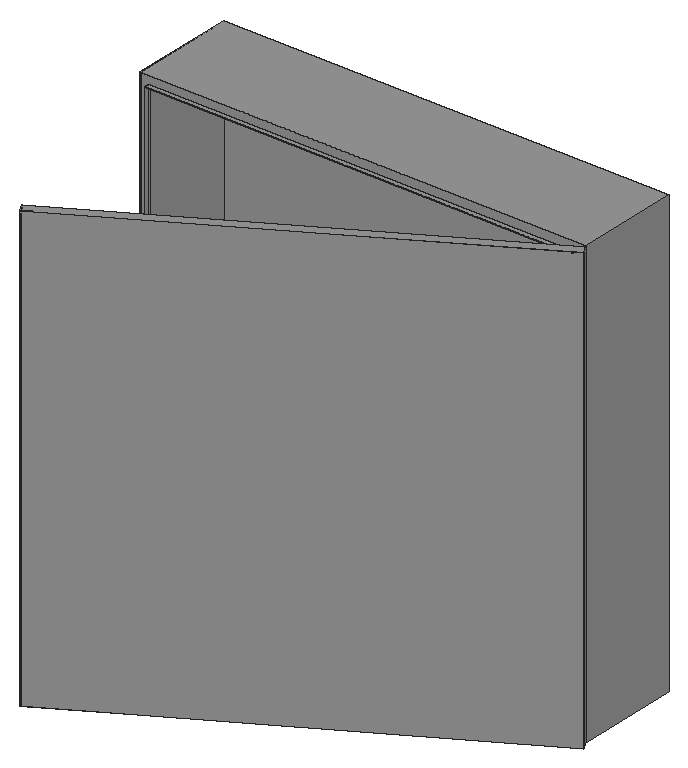
Revit family "Hager-Univers-IP44-D205-H800-Cl.I-Encl-NoHosted-CH-fr", category Electrical Equipment, Revit 2020
Family settings
  Panel Configuration = Two Columns, Circuits Across
  Round Connector Dimension = Use Diameter
  Part Type = Panelboard
  Work Plane-Based = Yes
  Always vertical = Yes
  Cut with Voids When Loaded = No
  Shared = No
  Room Calculation Point = No
Parameters (values of type "saillie IP44 L800 H800 P205  - FP53TN2")
  Width Control [instance] = if([EF000008 - largeur] > Min Width, [EF000008 - largeur], Min Width)  # 800 mm
  Type Comments = [HG000003 - Gamme]  # "Univers"
  Thickness Door [instance] = if([EF009171 - épaisseur de matériau de la porte/du couvercle] > 3 mm, 3 mm, [EF009171 - épaisseur de matériau de la porte/du couvercle])  # 1 mm
  Seal Frame Offset [instance] = 17 mm  # constant formula
  Plinth Visibility [instance] = [HG000027 - Hauteur du socle] > 0 mm  # no
  Min Width [instance] = 100 mm  # constant formula
  Min Depth [instance] = (2 * [EF009170 - épaisseur de matériau du boîtier]) + 1 mm  # 3 mm
  Min Height [instance] = 100 mm  # constant formula
  Internal Frame Depth [instance] = (Door System Depth * 0.5)  # 9 mm
  Panel Name [instance] = ""  # (empty or 0)
  Model = ""
  HG000027 - Hauteur du socle = 0 mm
  HG000026 - Installation au sol = no
  HG000024 - Hauteur de la section basse = 600 mm
  HG000023 - Armoire double section = no
  HG000016 - Visibilité de la porte 3D [instance] = yes
  HG000015 - Visibilité de l'emprise de la porte [instance] = no
  HG000014 - Porte à droite [instance] = yes
  HG000013 - Porte à gauche [instance] = not([HG000014 - Porte à droite])  # no
  HG000012 - Angle de pivotement de la porte [instance] = 30.00°
  HG000010 - Portes asymétriques = no
  HG000009 - Porte à double battant = no
  HG000006 - Encastré = no
  HG000004 - Référence fabricant = "FP53TN2"
  HG000003 - Gamme = "Univers"
  HG000002 - avec porte = yes
  Frame Offset Bottom [instance] = 10 mm  # constant formula
  Frame Offset [instance] = 15 mm  # constant formula
  EF015940 - couvercle avec décharge de pression = no
  EF011959 - degré de protection (NEMA) = ""
  EF009554 - nombre d'ouvertures pour plaques à bride = 6
  EF009212 - finition du couvercle = "EV000116 - fermé"
  EF009171 - épaisseur de matériau de la porte/du couvercle = 1 mm
  EF009170 - épaisseur de matériau du boîtier = 1 mm
  EF008873 - courant nominal (In) = 250 A
  EF007800 - adapté à un parafoudre = no
  EF006306 - avec serrure = no
  EF006244 - couvercle/porte transparent(e) = no
  EF005474 - indice de protection (IP) = "EV006418 - IP44"
  EF004464 - type de porte = "EV002646 - unique"
  EF004427 - nombre de modules = 180
  EF004293 - indice de protection contre les chocs (IK) = "EV006815 - IK09"
  EF003532 - convient pour utilisation à l’extérieur = no
  EF002950 - largeur en nombre de modules = 36
  EF001613 - maintien de fonction = "EV000494 - sans"
  EF001596 - matériau du boîtier/corps = "EV000179 - acier"
  EF001131 - profondeur intérieure = 205 mm
  EF001088 - possibilité de montage en saillie = yes
  EF000437 - nombre d'entrées de conduit = 6
  EF000339 - type de capot = "EV001012 - couvercle"
  EF000266 - nombre de rangées = 5
  EF000218 - profondeur d'encastrement = 205 mm
  EF000118 - avec cadre/support de montage = no
  EF000116 - numéro RAL = "9010"
  EF000049 - profondeur = 205 mm
  EF000040 - hauteur = 800 mm
  EF000008 - largeur = 800 mm
  EF000007 - couleur = "EV000202 - blanc"
  EF000003 - mode de pose = "EV000384 - saillie"
  Door System Leaf Tolerance [instance] = 1.5 mm  # constant formula
  Door System Depth [instance] = 18 mm  # constant formula
  Door Height [instance] = Height Control - [HG000027 - Hauteur du socle]  # 800 mm
  Description = ""
  Default Elevation = 1219.2 mm
  Connector Offset [instance] = Height Control / 2  # 400 mm
  Manufacturer = "Hager"  # constant formula
  Height Control [instance] = if([EF000040 - hauteur] > Min Height, [EF000040 - hauteur], Min Height)  # 800 mm
  Depth Control [instance] = if([EF000049 - profondeur] > Min Depth, [EF000049 - profondeur], Min Depth)  # 205 mm
  Bottom Top Plate Trim [instance] = 1.5 mm  # constant formula
  Plinth height Ctrl [instance] = if([HG000027 - Hauteur du socle] > 0 mm, [HG000027 - Hauteur du socle], 12 mm)  # 12 mm
Types (10, lengths in mm): name | Width Control | HG000010 - Portes asymétriques | HG000009 - Porte à double battant | HG000004 - Référence fabricant | EF009554 - nombre d'ouvertures pour plaques à bride | EF004464 - type de porte | EF004427 - nombre de modules | EF002950 - largeur en nombre de modules | EF000437 - nombre d'entrées de conduit | EF000218 - profondeur d'encastrement | EF000008 - largeur
  saillie IP44 L1050 H800 P205  - FP54QT | 1050 | no | no | "FP54QT" | 8 | "EV003602 - double" | 240 | 48 | 8 | 0 | 1050
  saillie IP44 L1050 H800 P205  - FP54TN2 | 1050 | no | yes | "FP54TN2" | 8 | "EV003602 - double" | 240 | 48 | 8 | 205 | 1050
  saillie IP44 L1300 H800 P205  - FP55QT | 1300 | no | no | "FP55QT" | 10 | "EV003602 - double" | 300 | 60 | 10 | 0 | 1300
  saillie IP44 L1300 H800 P205  - FP55TN2 | 1300 | yes | yes | "FP55TN2" | 10 | "EV003602 - double" | 300 | 60 | 10 | 205 | 1300
  saillie IP44 L300 H800 P205  - FP51QT | 300 | no | no | "FP51QT" | 2 | "EV002646 - unique" | 60 | 12 | 2 | 0 | 300
  saillie IP44 L300 H800 P205  - FP51TN2 | 300 | no | no | "FP51TN2" | 2 | "EV002646 - unique" | 60 | 12 | 2 | 205 | 300
  saillie IP44 L550 H800 P205  - FP52QT | 550 | no | no | "FP52QT" | 4 | "EV002646 - unique" | 120 | 24 | 4 | 0 | 550
  saillie IP44 L550 H800 P205  - FP52TN2 | 550 | no | no | "FP52TN2" | 4 | "EV002646 - unique" | 120 | 24 | 4 | 205 | 550
  saillie IP44 L800 H800 P205  - FP53QT | 800 | no | no | "FP53QT" | 6 | "EV002646 - unique" | 180 | 36 | 6 | 0 | 800
  saillie IP44 L800 H800 P205  - FP53TN2 | 800 | no | no | "FP53TN2" | 6 | "EV002646 - unique" | 180 | 36 | 6 | 205 | 800
Reference planes
  plane 1 "Center (Front/Back)": y = 0
  plane 2: z = 0
  plane 3 "Center (Left/Right)": x = 0
  plane 4: y = 0
  plane 5: y = 0
  plane 6: z = 0
  plane 7: x = -400
  plane 8: x = 400
  plane 9: x = 399
  plane 10: x = -399
  plane 11: z = 0
  plane 12: z = 1
  plane 13: y = -205
  plane 14: y = -1
  plane 15: x = 0
  plane 16: y = -187
  plane 17: y = -204
  plane 18: y = -186
  plane 19: x = -384
  plane 20: x = 384
  plane 21: z = 11
  plane 22: x = -383
  plane 23: x = 383
  plane 24: z = 0
  plane 25: z = 800
  plane 26: z = 800
  plane 27: z = 784
  plane 28: z = 799
Forms (mm)
  Extrusion 1, solid, material "Hager_Steel_RAL7035_Light_Grey", detail levels medium+fine
    sketch origin (-208.679, -4572, 0) x (-1, 0, 0) y (0, -1, 0)
      loop
        line (191.321, -4385) -> (-608.679, -4385) -> (-608.679, -4572) -> (191.321, -4572) -> (191.321, -4385)
    from 0 to 800
  Extrusion 2, void
    sketch origin (-350.771, -205, 1219.2) x (1, 0, 0) y (0, 0, 1)
      loop
        line (-48.229, -420.2) -> (-48.229, -1218.2) -> (749.771, -1218.2) -> (749.771, -420.2) -> (-48.229, -420.2)
    from -19 to -204
  Extrusion 3, void
    sketch origin (-290.084, -187, 1219.2) x (1, 0, 0) y (0, 0, 1)
      loop
        line (-93.916, -1208.2) -> (674.084, -1208.2) -> (674.084, -435.2) -> (-93.916, -435.2) -> (-93.916, -1208.2)
    from 0 to -1
  Extrusion 4, solid, material "Hager_Steel_RAL7035_Light_Grey", visible <- "Plinth Visibility", detail levels medium+fine
    sketch origin (0, 0, 0) x (1, 0, 0) y (0, 1, 0)
      loop
        line (-400, 0) -> (-400, -187) -> (400, -187) -> (400, 0) -> (-400, 0)
    from 0 to 12 <- "Plinth height Ctrl"
  Extrusion 5, solid, material "Hager_Steel_RAL7035_Light_Grey", detail levels coarse
    sketch origin (0, 0, 0) x (1, 0, 0) y (0, 1, 0)
      loop
        line (-400, 0) -> (-400, -205) -> (400, -205) -> (400, 0) -> (-400, 0)
    from 0 to 800 <- "Height Control"
  Sweep 6, void
    path in 3D
      loop
        line (-400, -187, 12) -> (400, -187, 12) -> (400, 0, 12) -> (-400, 0, 12) -> (-400, -187, 12)
    profile origin (-400, -93.5, 12) x (1, 0, 0) y (0, 0, 1)
      loop
        line (0, 0) -> (0, -1.5) -> (1.5, -1.5)
        arc (1.5, -1.5) -> (1.061, -0.439) -> (0, 0) r 1.5
  Extrusion 7, solid, material "Hager_Steel_RAL7035_Light_Grey", detail levels fine
    sketch origin (-400, -187, 0) x (1, 0, 0) y (0, 0, 1)
      loop
        line (16, 11) -> (784, 11) -> (784, 784) -> (16, 784) -> (16, 11)
      loop
        line (15, 10) -> (785, 10) -> (785, 785) -> (15, 785) -> (15, 10)
    from 0 to 9 <- "Internal Frame Depth"
Cuts and joins
  Extrusion 2, Extrusion 3 cuts Extrusion 1
  Sweep 6 cuts Extrusion 4
Lines and regions (mm)
  Masking region 1
    outline origin (0, 0, 0) x (1, 0, 0) y (0, 1, 0)
      loop
        line (-400, 0) -> (-400, -205) -> (400, -205) -> (400, 0) -> (-400, 0)
  Masking region 2, detail levels coarse
    outline origin (-290.084, -187, 1219.2) x (-1, 0, 0) y (0, 0, 1)
      loop
        line (-690.084, -1219.2) -> (109.916, -1219.2) -> (109.916, -419.2) -> (-690.084, -419.2) -> (-690.084, -1219.2)
  Masking region 3, detail levels coarse
    outline origin (0, 0, 0) x (0, 1, 0) y (0, 0, 1)
      loop
        line (0, 0) -> (0, 800) -> (-205, 800) -> (-205, 0) -> (0, 0)
  Masking region 4, visible <- "Plinth Visibility", detail levels medium+fine
    outline origin (0, 0, 0) x (0, 1, 0) y (0, 0, 1)
      loop
        line (-1.5, 12) -> (-185.5, 12)
        arc (-185.5, 12) -> (-185.939, 10.939) -> (-187, 10.5) r 1.5
        line (-187, 10.5) -> (-187, 0) -> (0, 0) -> (0, 10.5)
        arc (0, 10.5) -> (-1.061, 10.939) -> (-1.5, 12) r 1.5
  Masking region 5, detail levels medium+fine
    outline origin (0, 0, 594.038) x (0, 1, 0) y (0, 0, 1)
      loop
        line (0, -594.038) -> (0, 205.962) -> (-187, 205.962) -> (-187, -594.038) -> (0, -594.038)
  Masking region 6, detail levels medium+fine
    outline origin (-359.7, -187, 1211.883) x (-1, 0, 0) y (0, 0, 1)
      loop
        line (-759.7, -1211.883) -> (40.3, -1211.883) -> (40.3, -411.883) -> (-759.7, -411.883) -> (-759.7, -1211.883)
  Masking region 7, visible <- "Plinth Visibility", detail levels medium+fine
    outline origin (-320.334, -187, 1041.368) x (-1, 0, 0) y (0, 0, 1)
      loop
        line (-720.334, -1041.368) -> (79.666, -1041.368) -> (79.666, -1030.868)
        arc (79.666, -1030.868) -> (78.606, -1030.429) -> (78.166, -1029.368) r 1.5
        line (78.166, -1029.368) -> (-718.834, -1029.368)
        arc (-718.834, -1029.368) -> (-719.273, -1030.429) -> (-720.334, -1030.868) r 1.5
        line (-720.334, -1030.868) -> (-720.334, -1041.368)
  sketch lines
    curve 1: line (-400, 0, 12) -> (-400, -187, 12)
    curve 2: line (-400, -187, 12) -> (400, -187, 12)
    curve 3: line (400, 0, 12) -> (-400, 0, 12)
    curve 4: line (400, -187, 12) -> (400, 0, 12)
Dimensions and locks
  locked: plane 1 "Center (Front/Back)" to plane 5
  "EF009170 - épaisseur de matériau du boîtier": plane 7 to plane 10
  "EF009170 - épaisseur de matériau du boîtier": plane 8 to plane 9
  equal spacing: plane 7, plane 3 "Center (Left/Right)", plane 8
  "Width Control": plane 7 to plane 8
  "Depth Control": plane 4 to plane 13
  "EF009170 - épaisseur de matériau du boîtier": plane 4 to plane 14
  "Height Control": plane 25 to level
  "HG000027 - Hauteur du socle": plane 11 to level
  "EF009170 - épaisseur de matériau du boîtier": plane 12 to plane 11
  "EF009170 - épaisseur de matériau du boîtier": plane 17 to plane 13
  "EF009170 - épaisseur de matériau du boîtier": plane 18 to plane 16
  "Frame Offset Bottom": plane 21 to plane 12
  "Frame Offset": plane 10 to plane 19
  "Frame Offset": plane 9 to plane 20
  "Door System Depth": plane 16 to plane 13
  "Seal Frame Offset": plane 7 to plane 22
  "Seal Frame Offset": plane 8 to plane 23
  "EF009170 - épaisseur de matériau du boîtier": plane 26 to plane 28
  "Frame Offset": plane 28 to plane 27
  "Connector Offset": plane 2 to connector elem
  "Bottom Top Plate Trim": profile plane to Sweep 6 sketch curve
  "Bottom Top Plate Trim": Sweep 6 sketch curve to Sweep 6 sketch curve
  "Plinth height Ctrl": Masking region 4 sketch curve to level
  "Plinth height Ctrl": Masking region 7 sketch curve to level
  "Thickness Door": Extrusion 7 sketch curve to Extrusion 7 sketch curve  (x4)
  "Bottom Top Plate Trim": radius of Sweep 6 sketch curve
  "Bottom Top Plate Trim": radius of Masking region 4 sketch curve  (x2)
  "Bottom Top Plate Trim": radius of Masking region 7 sketch curve  (x2)
  aligned and locked: Extrusion 2 sketch curve to plane 12
  aligned and locked: Extrusion 2 sketch curve to plane 9
  aligned and locked: Extrusion 2 sketch curve to plane 10
  aligned and locked: Extrusion 2 to plane 14
  aligned and locked: Extrusion 1 sketch curve to plane 4
  aligned and locked: plane 8 to Extrusion 1 sketch curve
  aligned and locked: plane 7 to Extrusion 1 sketch curve
  aligned and locked: Extrusion 2 to plane 18
  aligned and locked: Extrusion 3 sketch curve to plane 19
  aligned and locked: plane 20 to Extrusion 3 sketch curve
  aligned and locked: Extrusion 3 to Extrusion 2
  aligned and locked: Extrusion 3 sketch curve to plane 21
  aligned and locked: plane 3 "Center (Left/Right)" to nested 1
  aligned and locked: Extrusion 1 sketch curve to plane 16
  aligned and locked: Extrusion 4 sketch curve to cut or joined group of Extrusion 1, Extrusion 2, Extrusion 3
  aligned and locked: Masking region 1 sketch curve to plane 7
  aligned and locked: Masking region 1 sketch curve to plane 5
  aligned and locked: Masking region 1 sketch curve to plane 8
  aligned and locked: Masking region 2 sketch curve to level
  aligned and locked: level to Masking region 3 sketch curve
  aligned and locked: plane 1 "Center (Front/Back)" to Masking region 3 sketch curve
  aligned and locked: plane 13 to Masking region 3 sketch curve
  aligned and locked: plane 5 to Masking region 4 sketch curve
  aligned and locked: Masking region 2 sketch curve to plane 8
  aligned and locked: Masking region 2 sketch curve to plane 7
  aligned and locked: plane 7 to nested 2
  aligned and locked: nested 2 to plane 5
  aligned and locked: plane 5 to Masking region 5 sketch curve
  aligned and locked: plane 26 to Masking region 5 sketch curve
  aligned and locked: Extrusion 5 sketch curve to plane 8
  aligned and locked: Extrusion 5 sketch curve to plane 7
  aligned and locked: Extrusion 5 sketch curve to plane 5
  aligned and locked: Extrusion 3 sketch curve to plane 27
  aligned and locked: Extrusion 2 sketch curve to plane 28
  aligned and locked: Masking region 2 to plane 25
  aligned and locked: Extrusion 4 to plane 16
  aligned and locked: profile plane to Sweep 6 sketch curve
  aligned and locked: Masking region 5 sketch curve to plane 24
  aligned and locked: level to Masking region 4 sketch curve
  aligned and locked: Masking region 1 to plane 13
  aligned and locked: nested 1 to plane 16
  aligned and locked: Masking region 3 to plane 25
  aligned and locked: plane 16 to Masking region 4 sketch curve
  aligned and locked: Masking region 5 sketch curve to plane 16
  aligned and locked: plane 24 to plane 11
  aligned and locked: plane 26 to plane 25
  aligned and locked: plane 26 to cut or joined group of Extrusion 1, Extrusion 2, Extrusion 3
  aligned and locked: nested 1 to plane 24
  aligned and locked: Extrusion 1 to Extrusion 3
  aligned and locked: Masking region 6 sketch curve to plane 8
  aligned and locked: Masking region 6 sketch curve to plane 24
  aligned and locked: Masking region 6 sketch curve to plane 7
  aligned and locked: Masking region 6 sketch curve to plane 26
  aligned and locked: Masking region 7 sketch curve to plane 7
  aligned and locked: level to Masking region 7 sketch curve
  aligned and locked: Masking region 7 sketch curve to plane 8
  aligned and locked: Extrusion 7 sketch curve to cut or joined group of Extrusion 1, Extrusion 2, Extrusion 3  (x4)
Automatic sketch dimensions
  plane 19 to Extrusion 3 sketch curve = 0 mm
  Extrusion 3 sketch curve to plane 20 = 0 mm
  Extrusion 3 sketch curve to plane 21 = 0 mm
  Extrusion 4 sketch curve to plane 7 = 0 mm
  Extrusion 4 sketch curve to plane 8 = 0 mm
  Extrusion 4 sketch curve to plane 16 = 0 mm
  Masking region 1 sketch curve to plane 13 = 0 mm
  Masking region 2 sketch curve to plane 25 = 0 mm
  Masking region 3 sketch curve to plane 25 = 0 mm
  Extrusion 5 sketch curve to plane 13 = 0 mm
  profile plane to Sweep 6 sketch curve = 0 mm
Nested families
  nested 1: "EC000058_Univers_Door" at (0, -187, 0), Double <- "HG000009 - Porte à double battant", Transparent <- "EF006244 - couvercle/porte transparent(e)", Angle <- "HG000012 - Angle de pivotement de la porte", Door_Right <- "HG000014 - Porte à droite", Assymetrical <- "HG000010 - Portes asymétriques", Door <- "HG000002 - avec porte", Width_Ctrl <- "Width Control", 3d_Door <- "HG000016 - Visibilité de la porte 3D", Clearance <- "HG000015 - Visibilité de l'emprise de la porte", Door_Left <- "HG000013 - Porte à gauche", Width <- "Width Control", Door_Depth <- "Door System Depth", Leaf_Tolerance <- "Door System Leaf Tolerance", Height <- "Door Height", Lock_Visibility <- "EF006306 - avec serrure", Thickness <- "Thickness Door", type "EC000058_Univers_Door", detail levels medium+fine
    with min_wh 3 mm, Width_Ctrl 800 mm, Width 800 mm, Transparent no, Thickness 1 mm, Seal_Material Hager_Rubber, Lock_Visibility no, Lock_Material Hager_Plastic_RAL9005_Jet_Black, Leaf_Width 800 mm, Leaf_Tolerance_External_Sides 0 mm, Leaf_Tolerance 1.5 mm, Leaf_Offset 0 mm, Leaf_Height 797 mm, Leaf_2_Width 800 mm, Leaf_2_Offset 400 mm, Leaf_1_Width 800 mm, Leaf_1_Offset 400 mm, Height_Ctrl 800 mm, Height 800 mm, Glass_Material Hager_Glass, Double_Clearance_Ctrl no, Double no, Door_Right_Ctrl yes, Door_Right yes, Door_Material Hager_Steel_RAL7035_Light_Grey, Door_Left_Ctrl no, Door_Left no, Door_Depth 18 mm, Door yes, Clearance_Material Hager_Clearance, Clearance_Depth 800 mm, Clearance_Ctrl no, Clearance no, Assymetrical no, Angle 30.00°, 3d_Door yes
  nested 2: "Hager_Enclosure_Symbol" at (-400, 0, 0), Height <- "Depth Control", Width <- "Width Control", type "Hager_Enclosure_Symbol"
    with Width_Ctrl 800 mm, Width 800 mm, Height_Ctrl 205 mm, Height 205 mm, A_Width_Int 13.453 mm, A_Width 161.438 mm, A_Height_Ctrl 179.375 mm, A_Height 179.375 mm
Connectors
  electrical at (0, 0, 400)
    settings: on plane 1 "Center (Front/Back)", index 1, voltage 0 V, apparent load 0 VA, apparent load phase1 0 VA, apparent load phase2 0 VA, apparent load phase3 0 VA, power factor 1, load classification "Other", number of poles 1, system type 30, power factor state 1, is connector primary yes, connector utility no, sub classification motor no, connector description ""
Definition of nested family "EC000058_Univers_Door"
  Parameters (values of type "EC000058_Univers_Door")
    min_wh [instance] = (2 * Thickness) + 1 mm  # 11 mm
    Width_Ctrl [instance] = 400 mm
    Width [instance] = 500 mm
    Transparent [instance] = yes
    Thickness [instance] = 5 mm
    Seal_Material [instance] = none
    Lock_Visibility [instance] = yes
    Lock_Material [instance] = none
    Leaf_Width [instance] = if((Width_Ctrl - 2 * Leaf_Tolerance_External_Sides) > 0 mm, (Width_Ctrl - 2 * Leaf_Tolerance_External_Sides), min_wh)  # 400 mm
    Leaf_Tolerance_External_Sides [instance] = 0 mm  # constant formula
    Leaf_Tolerance [instance] = 1.5 mm
    Leaf_Offset [instance] = 0 mm  # constant formula
    Leaf_Height [instance] = if((Height_Ctrl - 2 * Leaf_Tolerance) > 0 mm, (Height_Ctrl - 2 * Leaf_Tolerance), min_wh)  # 497 mm
    Leaf_2_Width [instance] = if(and(and(Double, Assymetrical), Door_Left), (Leaf_Width / 3) - (Leaf_Tolerance / 2), if(and(and(Double, Assymetrical), Door_Right), (Leaf_Width / 3) * 2 - (Leaf_Tolerance / 2), if(and(Double, not(Assymetrical)), (Leaf_Width / 2) - Leaf_Tolerance, Leaf_Width)))  # 400 mm
    Leaf_2_Offset [instance] = if(and(Double, Assymetrical), Leaf_2_Width / 2, if(and(Double, not(Assymetrical)), Leaf_Width / 4, Leaf_Width / 2))  # 200 mm
    Leaf_1_Width [instance] = if(and(and(Double, Assymetrical), Door_Right), (Leaf_Width / 3) - (Leaf_Tolerance / 2), if(and(and(Double, Assymetrical), Door_Left), (Width / 3) * 2 - (Leaf_Tolerance / 2), if(and(Double, not(Assymetrical)), (Leaf_Width / 2) - Leaf_Tolerance, Leaf_Width)))  # 400 mm
    Leaf_1_Offset [instance] = if(and(Double, Assymetrical), Leaf_1_Width / 2, if(and(Double, not(Assymetrical)), Leaf_Width / 4, Leaf_Width / 2))  # 200 mm
    Height_Ctrl [instance] = if(Height > min_wh, Height, min_wh)  # 500 mm
    Height [instance] = 500 mm
    Glass_Material [instance] = none
    Double_Clearance_Ctrl [instance] = and(Double, Clearance)  # no
    Double [instance] = no
    Door_Right_Ctrl [instance] = and(or(Door_Right, Double), Door)  # yes
    Door_Right [instance] = yes
    Door_Material [instance] = none
    Door_Left_Ctrl [instance] = and(or(Door_Left, Double), Door)  # no
    Door_Left [instance] = no
    Door_Depth [instance] = 30 mm
    Door [instance] = yes
    Default Elevation = 1219.2 mm
    Clearance_Material [instance] = none
    Clearance_Depth [instance] = if(Leaf_1_Width > Leaf_2_Width, Leaf_1_Width, Leaf_2_Width)  # 400 mm
    Clearance_Ctrl [instance] = and(not(Double), Clearance)  # yes
    Clearance [instance] = yes
    Assymetrical [instance] = yes
    Angle [instance] = 30.00°
    3d_Door [instance] = yes
  Reference planes
    plane 1 "Center (Front/Back)": y = 0
    plane 2 "Bottom": z = 0
    plane 3 "Center (Left/Right)": x = 0
    plane 4: z = 500
    plane 5: x = -200
    plane 6: x = 200
    plane 7: z = 500
    plane 8: x = -200
    plane 9: z = 0
    plane 10: x = 200
    plane 11: y = 0
    plane 12: z = 1.5
    plane 13: x = -600
    plane 14: y = -400
    plane 15: x = 600
    plane 16: x = 0
    plane 17: x = 0
    plane 18: x = -200
    plane 19: x = 200
    plane 20: z = 498.5
  Forms (mm)
    Extrusion 1, solid, material <- "Clearance_Material", visible <- "Double_Clearance_Ctrl"
      sketch origin (1200, 0, 0) x (1, 0, 0) y (0, 0, -1)
        loop
          line (-1800, -498.5) -> (-600, -498.5) -> (-600, 0) -> (-1800, 0) -> (-1800, -498.5)
      from 0 to -400
  Dimensions and locks
    equal spacing: plane 5, plane 3 "Center (Left/Right)", plane 6
    "Width_Ctrl": plane 5 to plane 6
    "Leaf_Offset": plane 5 to plane 8
    "Leaf_Offset": plane 6 to plane 10
    "Leaf_Offset": plane 9 to level
    "Leaf_Offset": plane 4 to plane 7
    "Height_Ctrl": plane 4 to level
    "Leaf_Tolerance": plane 12 to plane 9
    locked: plane 11 to plane 1 "Center (Front/Back)"
    "Leaf_1_Offset": plane 18 to plane 16
    "Leaf_2_Offset": plane 17 to plane 19
    "Leaf_1_Width": plane 13 to plane 8
    "Leaf_2_Width": plane 10 to plane 15
    "Clearance_Depth": plane 14 to plane 1 "Center (Front/Back)"
    "Leaf_Tolerance_External_Sides": plane 8 to plane 18
    "Leaf_Tolerance_External_Sides": plane 19 to plane 10
    "Leaf_Tolerance": plane 7 to plane 20
    aligned and locked: level to plane 2 "Bottom"
    aligned and locked: nested 1 to plane 16
    aligned and locked: nested 2 to plane 17
    aligned and locked: Extrusion 1 to plane 13
    aligned and locked: plane 15 to Extrusion 1
    aligned and locked: Extrusion 1 to plane 14
    aligned and locked: plane 12 to nested 1
    aligned and locked: nested 2 to plane 12
    aligned and locked: Extrusion 1 to plane 11
    aligned and locked: plane 20 to Extrusion 1
    aligned and locked: nested 2 to plane 11
    aligned and locked: nested 1 to plane 11
  Automatic sketch dimensions
    Extrusion 1 sketch curve to level = 0 mm
    plane 5 to Extrusion 1 sketch curve = 400 mm
    plane 6 to Extrusion 1 sketch curve = 400 mm
    Extrusion 1 sketch curve to plane 4 = 1.5 mm
  Nested families
    nested 1: "EC000058_Univers_Door_Leaf" at (0, 0, 1.5), Width <- "Leaf_1_Width", visible <- "Door_Left_Ctrl", Leaf_Height <- "Leaf_Height", Angle <- "Angle", 3d_Door <- "3d_Door", Transparent <- "Transparent", Clearance Material <- "Clearance_Material", Clearance <- "Clearance_Ctrl", Door_Material <- "Door_Material", Glass_Material <- "Glass_Material", Door_Depth <- "Door_Depth", Lock_Material <- "Lock_Material", Seal_Material <- "Seal_Material", Lock_Visibility <- "Lock_Visibility", Thickness <- "Thickness", type "EC000058_Univers_Door_Leaf"
      with Width 400 mm, Transparent_Glass_Offset 30 mm, Transparent_Ctrl yes, Transparent yes, Thickness 5 mm, Standard no, Seal_Material none, Seal_D2 8 mm, Seal_D1 1 mm, Offset_Internal_Frame 10 mm, Lock_Width 20 mm, Lock_Visibility_3d yes, Lock_Visibility yes, Lock_Thickness_3 3 mm, Lock_Thickness_2 1 mm, Lock_Thickness_1 3 mm, Lock_Radius_Offset_2 16 mm, Lock_Radius_Offset_1 15 mm, Lock_Radius_2 5 mm, Lock_Radius 6 mm, Lock_Offset 5 mm, Lock_Material none, Lock_Height 80 mm, Lock_Cover_Top_Offset_2d 17 mm, Lock_Cover_Height -65 mm, Leaf_Height 497 mm, Internal_Seal_Thickness 8 mm, Internal_Seal_Depth_2 4.5 mm, Internal_Frame_Depth 25 mm, Glass_Thickness -1 mm, Glass_Offset -2 mm, Glass_Material none, Door_Material none, Door_Depth 30 mm, Clearance Material none, Clearance yes, Angle_Ctrl 30.00°, Angle 30.00°, 3d_Door yes
    nested 2: "EC000058_Univers_Door_Leaf" at (0, 0, 1.5) x (-1, 0, 0) z (0, 0, 1), Width <- "Leaf_2_Width", visible <- "Door_Right_Ctrl", Leaf_Height <- "Leaf_Height", Angle <- "Angle", 3d_Door <- "3d_Door", Transparent <- "Transparent", Clearance Material <- "Clearance_Material", Clearance <- "Clearance_Ctrl", Door_Material <- "Door_Material", Glass_Material <- "Glass_Material", Door_Depth <- "Door_Depth", Lock_Material <- "Lock_Material", Seal_Material <- "Seal_Material", Lock_Visibility <- "Lock_Visibility", Thickness <- "Thickness", type "EC000058_Univers_Door_Leaf"
      with Width 400 mm, Transparent_Glass_Offset 30 mm, Transparent_Ctrl yes, Transparent yes, Thickness 5 mm, Standard no, Seal_Material none, Seal_D2 8 mm, Seal_D1 1 mm, Offset_Internal_Frame 10 mm, Lock_Width 20 mm, Lock_Visibility_3d yes, Lock_Visibility yes, Lock_Thickness_3 3 mm, Lock_Thickness_2 1 mm, Lock_Thickness_1 3 mm, Lock_Radius_Offset_2 16 mm, Lock_Radius_Offset_1 15 mm, Lock_Radius_2 5 mm, Lock_Radius 6 mm, Lock_Offset 5 mm, Lock_Material none, Lock_Height 80 mm, Lock_Cover_Top_Offset_2d 17 mm, Lock_Cover_Height -65 mm, Leaf_Height 497 mm, Internal_Seal_Thickness 8 mm, Internal_Seal_Depth_2 4.5 mm, Internal_Frame_Depth 25 mm, Glass_Thickness -1 mm, Glass_Offset -2 mm, Glass_Material none, Door_Material none, Door_Depth 30 mm, Clearance Material none, Clearance yes, Angle_Ctrl 30.00°, Angle 30.00°, 3d_Door yes
  Definition of nested family "EC000058_Univers_Door_Leaf"
    Parameters (values of type "EC000058_Univers_Door_Leaf")
      Width [instance] = 2000 mm
      Transparent_Glass_Offset [instance] = 30 mm
      Transparent_Ctrl [instance] = and(Transparent, [3d_Door])  # yes
      Transparent [instance] = yes
      Thickness [instance] = 5 mm
      Standard [instance] = and(not(Transparent), [3d_Door])  # no
      Seal_Material [instance] = none
      Seal_D2 [instance] = 8 mm  # constant formula
      Seal_D1 [instance] = 1 mm  # constant formula
      Offset_Internal_Frame [instance] = 10 mm  # constant formula
      Lock_Width [instance] = 20 mm  # constant formula
      Lock_Visibility_3d [instance] = and(Lock_Visibility, [3d_Door])  # yes
      Lock_Visibility [instance] = yes
      Lock_Thickness_3 [instance] = 3 mm  # constant formula
      Lock_Thickness_2 [instance] = 1 mm  # constant formula
      Lock_Thickness_1 [instance] = 3 mm  # constant formula
      Lock_Radius_Offset_2 [instance] = Lock_Radius_Offset_1 + 1 mm  # 16 mm
      Lock_Radius_Offset_1 [instance] = 15 mm  # constant formula
      Lock_Radius_2 [instance] = Lock_Radius - 1 mm  # 5 mm
      Lock_Radius [instance] = 6 mm  # constant formula
      Lock_Offset [instance] = 5 mm  # constant formula
      Lock_Material [instance] = none
      Lock_Height [instance] = 80 mm  # constant formula
      Lock_Cover_Top_Offset_2d [instance] = Lock_Radius_Offset_2 + 1 mm  # 17 mm
      Lock_Cover_Height [instance] = -(Lock_Height - Lock_Radius_Offset_1)  # -65 mm
      Leaf_Height [instance] = 2720.336 mm
      Internal_Seal_Thickness [instance] = 8 mm  # constant formula
      Internal_Seal_Depth_2 [instance] = 4.5 mm  # constant formula
      Internal_Frame_Depth [instance] = if(Door_Depth - Thickness > 5 mm, Door_Depth - Thickness, 5 mm)  # 25 mm
      Glass_Thickness [instance] = if(Thickness > 15 mm, Glass_Offset + 10 mm, -1 mm)  # -1 mm
      Glass_Offset [instance] = if(Thickness > 15 mm, -(Thickness + 10 mm) / 2, -2 mm)  # -2 mm
      Glass_Material [instance] = none
      Door_Material [instance] = none
      Door_Depth [instance] = 30 mm
      Default Elevation = 0 mm
      Clearance Material [instance] = none
      Clearance [instance] = yes
      Angle_Ctrl [instance] = if(Angle > 180.00°, 180.00°, Angle)  # 90.00°
      Angle [instance] = 90.00°
      3d_Door [instance] = yes
    Reference planes
      plane 1 "Center (Front/Back)": y = 0
      plane 2: z = 0
      plane 3 "Center (Left/Right)": x = 0
      plane 4: y = 2000
      plane 5: x = -1000
      plane 6: x = 1000
      plane 7: x = -3000
      plane 8: z = 2720.336
      plane 9: z = 30
      plane 10: z = 2690.336
      plane 11: x = 970
      plane 12: x = -970
      plane 13: y = -3
      plane 14: z = 107.833
      plane 15: y = -5
      plane 16: y = -223.314
      plane 17: x = -1000
      plane 18: z = 1360.168
      plane 19: y = 30
    Forms (mm)
      Extrusion 1, solid, material <- "Clearance Material", visible <- "Clearance"
        sketch origin (0, 0, 0) x (1, 0, 0) y (0, 0, 1)
          loop
            line (-3000, 2720.336) -> (-3000, 0) -> (1000, 0) -> (1000, 2720.336) -> (-3000, 2720.336)
        from 0 to -2000
      Extrusion 2, solid, material <- "Door_Material", visible <- "Standard", detail levels medium+fine
        sketch origin (-1000, 0, 0) x (0, 1, 0) y (-1, 0, 0)
          loop
            line (0, 30) -> (0, 25) -> (2000, 25) -> (2000, 30) -> (0, 30)
        from 0 to 2720.336 <- "Leaf_Height"
      Extrusion 3, solid, material <- "Door_Material", visible <- "Transparent_Ctrl", detail levels medium+fine
        sketch origin (-1000, 0, 0) x (0, 1, 0) y (-1, 0, 0)
          loop
            line (0, 25) -> (2000, 25) -> (2000, 30) -> (0, 30) -> (0, 25)
        from 0 to 2720.336 <- "Leaf_Height"
      Extrusion 4, void
        sketch origin (-1025, 2000, 0) x (0, 1, 0) y (0, 0, -1)
          loop
            line (-30, -2690.336) -> (-30, -30) -> (-1970, -30) -> (-1970, -2690.336) -> (-30, -2690.336)
        from 0 to 5 <- "Thickness"
      Sweep 5, solid, material <- "Seal_Material", visible <- "Transparent_Ctrl", detail levels fine
        path in 3D
          loop
            line (-1025, 30, 30) -> (-1025, 30, 2690.336) -> (-1025, 1970, 2690.336) -> (-1025, 1970, 30) -> (-1025, 30, 30)
        profile origin (-1025, 1000, 30) x (1, 0, 0) y (0, 0, 1)
          loop
            line (0, 0) -> (0, -8) -> (1, -8) -> (1, 0) -> (0, 0)
      Extrusion 6, solid, material <- "Glass_Material", visible <- "Transparent_Ctrl", detail levels medium+fine
        sketch origin (-1030, 0, 0) x (0, 1, 0) y (0, 0, -1)
          loop
            line (1970, -2690.336) -> (1970, -30) -> (30, -30) -> (30, -2690.336) -> (1970, -2690.336)
        from -2 <- "Glass_Offset" to -1 <- "Glass_Thickness"
      Extrusion 7, solid, material <- "Door_Material", visible <- "3d_Door", detail levels medium+fine
        sketch origin (-1025, 2000, 0) x (0, -1, 0) y (0, 0, -1)
          loop
            line (0, -2720.336) -> (2000, -2720.336) -> (2000, 0) -> (0, 0) -> (0, -2720.336)
          loop
            line (1995, -5) -> (5, -5) -> (5, -2715.336) -> (1995, -2715.336) -> (1995, -5)
        from 0 to 25 <- "Internal_Frame_Depth"
      Sweep 8, solid, material <- "Seal_Material", visible <- "Transparent_Ctrl", detail levels fine
        path in 3D
          loop
            line (-1025, 0, 0) -> (-1025, 2000, 0) -> (-1025, 2000, 2720.336) -> (-1025, 0, 2720.336) -> (-1025, 0, 0)
        profile origin (-1025, 0, 1360.168) x (1, 0, 0) y (0, 1, 0)
          loop
            line (0, 10) -> (2.975, 10)
            arc (2.975, 10) -> (4.053, 10.447) -> (4.5, 11.525) r 1.525
            line (4.5, 11.525) -> (4.5, 16.527)
            arc (4.5, 16.527) -> (4.069, 17.569) -> (3.027, 18) r 1.473
            line (3.027, 18) -> (0, 18) -> (0, 10)
      Extrusion 9, solid, material <- "Lock_Material", visible <- "Lock_Visibility_3d", detail levels fine
        sketch origin (-1030, 0, 0) x (0, 1, 0) y (0, 0, -1)
          loop
            arc (1993.5, -1400.168) -> (1994.561, -1399.729) -> (1995, -1398.668) r 1.5
            line (1995, -1398.668) -> (1995, -1320.168) -> (1975, -1320.168) -> (1975, -1398.668)
            arc (1975, -1398.668) -> (1975.439, -1399.729) -> (1976.5, -1400.168) r 1.5
            line (1976.5, -1400.168) -> (1993.5, -1400.168)
        from 3 <- "Lock_Thickness_1" to 0
      Blend 10, solid, material <- "Lock_Material", visible <- "Lock_Visibility_3d", detail levels fine
        base sketch origin (-1033, 0, 0) x (0, 1, 0) y (0, 0, -1)
          loop
            line (1975, -1320.168) -> (1975, -1398.668)
            arc (1975, -1398.668) -> (1975.439, -1399.729) -> (1976.5, -1400.168) r 1.5
            line (1976.5, -1400.168) -> (1993.5, -1400.168)
            arc (1993.5, -1400.168) -> (1994.561, -1399.729) -> (1995, -1398.668) r 1.5
            line (1995, -1398.668) -> (1995, -1320.168) -> (1975, -1320.168)
        top sketch origin (-1033, 0, 0) x (0, 1, 0) y (0, 0, -1)
          loop
            line (1976, -1320.168) -> (1976, -1398.668)
            arc (1976, -1398.668) -> (1976.146, -1399.022) -> (1976.5, -1399.168) r 0.5
            line (1976.5, -1399.168) -> (1993.5, -1399.168)
            arc (1993.5, -1399.168) -> (1993.854, -1399.022) -> (1994, -1398.668) r 0.5
            line (1994, -1398.668) -> (1994, -1320.168) -> (1976, -1320.168)
        from 0 to 1 <- "Lock_Thickness_2"
      Blend 11, solid, material <- "Lock_Material", visible <- "Lock_Visibility_3d", detail levels fine
        base sketch origin (-1034, 0, 0) x (0, 1, 0) y (0, 0, -1)
          loop
            line (1978, -1320.168) -> (1978, -1384.168)
            arc (1978, -1384.168) -> (1985, -1391.168) -> (1992, -1384.168) r 7
            line (1992, -1384.168) -> (1992, -1320.168) -> (1978, -1320.168)
        top sketch origin (-1034, 0, 0) x (0, 1, 0) y (0, 0, -1)
          loop
            line (1991, -1320.168) -> (1979, -1320.168) -> (1979, -1383.168)
            arc (1979, -1383.168) -> (1985, -1389.168) -> (1991, -1383.168) r 6
            line (1991, -1383.168) -> (1991, -1320.168)
        from 0 to 3 <- "Lock_Thickness_3"
      Extrusion 12, solid, material <- "Lock_Material", visible <- "Lock_Visibility_3d", detail levels fine
        sketch origin (-1030, 1975, 1320.168) x (1, 0, 0) y (0, -1, 0)
          loop
            line (-7, -19) -> (-7, -1) -> (0, -1) -> (0, 0) -> (-8, 0) -> (-8, -20) -> (0, -20) -> (0, -19) -> (-7, -19)
        from 0 to -65 <- "Lock_Cover_Height"
      Extrusion 13, void
        sketch origin (-1038, 1995, 1320.168) x (-1, 0, 0) y (0, 0, -1)
          loop
            line (-5, -65) -> (0, -65) -> (-5, -60) -> (-5, -65)
        from 0 to 20 <- "Lock_Width"
      Extrusion 14, void
        sketch origin (-1038, 1975, 1320.168) x (0, -1, 0) y (0, 0, -1)
          loop
            circle (-10, -15.995) r 6
          loop
            circle (-10, -15.995) r 5
        from 0 to 2
      Extrusion 15, solid, material <- "Lock_Material", visible <- "Lock_Visibility_3d", detail levels medium
        sketch origin (-1030, 0, 0) x (0, 1, 0) y (0, 0, -1)
          loop
            arc (1993.5, -1400.168) -> (1994.561, -1399.729) -> (1995, -1398.668) r 1.5
            line (1995, -1398.668) -> (1995, -1320.168) -> (1975, -1320.168) -> (1975, -1398.668)
            arc (1975, -1398.668) -> (1975.439, -1399.729) -> (1976.5, -1400.168) r 1.5
            line (1976.5, -1400.168) -> (1993.5, -1400.168)
        from 8 to 0
    Cuts and joins
      Extrusion 4 cuts Extrusion 3
      Extrusion 13, Extrusion 14 cuts Extrusion 9
      Extrusion 14 cuts Blend 11
      Extrusion 13, Extrusion 14 cuts Extrusion 12
      joined: Extrusion 9, Blend 10, Blend 11, Extrusion 12
      Extrusion 14 cuts Extrusion 15
    Lines and regions (mm)
      Masking region 1, visible <- "Lock_Visibility", detail levels fine
        outline origin (0, 0, 0) x (0, 1, 0) y (0, 0, 1)
          loop
            line (30, 1320.168) -> (33, 1320.168) -> (33, 1400.168) -> (30, 1400.168) -> (30, 1320.168)
      Masking region 2, visible <- "Lock_Visibility", detail levels fine
        outline origin (0, 3.143, 0) x (0, 1, 0) y (0, 0, 1)
          loop
            line (29.857, 1354.168) -> (30.857, 1354.168) -> (30.857, 1366.168) -> (29.857, 1366.168) -> (29.857, 1354.168)
      Masking region 3, detail levels medium+fine
        outline origin (0, 0, 0) x (0, 1, 0) y (0, 0, 1)
          loop
            line (0, 0) -> (30, 0) -> (30, 2720.336) -> (0, 2720.336) -> (0, 0)
      Masking region 4, detail levels medium+fine
        outline origin (0, 0, 0) x (1, 0, 0) y (0, 0, 1)
          loop
            line (-1000, 2720.336) -> (-1000, 0) -> (1000, 0) -> (1000, 2720.336) -> (-1000, 2720.336)
      Masking region 5, visible <- "Lock_Visibility", detail levels fine
        outline origin (-47.116, 0, 0) x (1, 0, 0) y (0, 0, 1)
          loop
            arc (1024.616, 1399.168) -> (1023.556, 1398.729) -> (1023.116, 1397.668) r 1.5
            line (1023.116, 1397.668) -> (1023.116, 1320.168) -> (1041.116, 1320.168) -> (1041.116, 1397.668)
            arc (1041.116, 1397.668) -> (1040.677, 1398.729) -> (1039.616, 1399.168) r 1.5
            line (1039.616, 1399.168) -> (1024.616, 1399.168)
      Masking region 6, visible <- "Lock_Visibility", detail levels medium+fine
        outline origin (-25, 0, 0) x (1, 0, 0) y (0, 0, 1)
          loop
            arc (1001.5, 1400.168) -> (1000.439, 1399.729) -> (1000, 1398.668) r 1.5
            line (1000, 1398.668) -> (1000, 1320.168) -> (1020, 1320.168) -> (1020, 1398.668)
            arc (1020, 1398.668) -> (1019.561, 1399.729) -> (1018.5, 1400.168) r 1.5
            line (1018.5, 1400.168) -> (1001.5, 1400.168)
      Masking region 7, visible <- "Lock_Visibility", detail levels fine
        outline origin (-73.735, 0, 0) x (1, 0, 0) y (0, 0, 1)
          loop
            line (1051.735, 1382.168) -> (1065.735, 1382.168) -> (1065.735, 1384.168)
            arc (1065.735, 1384.168) -> (1058.735, 1391.168) -> (1051.735, 1384.168) r 7
            line (1051.735, 1384.168) -> (1051.735, 1382.168)
      Masking region 8, visible <- "Lock_Visibility", detail levels fine
        outline origin (-73.735, 0, 0) x (1, 0, 0) y (0, 0, 1)
          loop
            line (1052.735, 1382.168) -> (1064.735, 1382.168) -> (1064.735, 1383.168)
            arc (1064.735, 1383.168) -> (1058.735, 1389.168) -> (1052.735, 1383.168) r 6
            line (1052.735, 1383.168) -> (1052.735, 1382.168)
      Masking region 9, visible <- "Lock_Visibility", detail levels fine
        outline origin (-25, 0, 0) x (1, 0, 0) y (0, 0, 1)
          loop
            line (1020, 1320.168) -> (1020, 1382.168) -> (1000, 1382.168) -> (1000, 1320.168) -> (1020, 1320.168)
      Masking region 10, detail levels medium+fine
        outline origin (0, 0, 0) x (1, 0, 0) y (0, 0, 1)
          loop
            circle (985, 1335.144) r 6
      Masking region 11, detail levels fine
        outline origin (0, 0, 0) x (1, 0, 0) y (0, 0, 1)
          loop
            circle (985, 1335.144) r 5
      Masking region 12, visible <- "Lock_Visibility", detail levels fine
        outline origin (0, 12.767, 0) x (0, 1, 0) y (0, 0, 1)
          loop
            line (20.233, 1320.168) -> (21.233, 1320.168) -> (21.233, 1399.168) -> (20.233, 1400.168) -> (20.233, 1320.168)
      Masking region 13, visible <- "Lock_Visibility", detail levels fine
        outline origin (0, 13.767, -10) x (0, 1, 0) y (0, 0, 1)
          loop
            line (20.233, 1330.168) -> (23.233, 1330.168) -> (23.233, 1399.168) -> (20.233, 1402.168) -> (20.233, 1330.168)
      Masking region 14, visible <- "Lock_Visibility", detail levels fine
        outline origin (0, 12.767, -10) x (0, 1, 0) y (0, 0, 1)
          loop
            line (20.233, 1330.168) -> (25.233, 1330.168) -> (25.233, 1399.305) -> (20.233, 1394.305) -> (20.233, 1330.168)
      Masking region 15, visible <- "Lock_Visibility", detail levels medium
        outline origin (0, 0, 0) x (0, 1, 0) y (0, 0, 1)
          loop
            line (30, 1320.168) -> (38, 1320.168) -> (38, 1400.168) -> (30, 1400.168) -> (30, 1320.168)
      Masking region 16, visible <- "Lock_Visibility", detail levels fine
        outline origin (-1000, 0, 0) x (0, 1, 0) y (-1, 0, 0)
          loop
            line (1975, 30) -> (1995, 30) -> (1995, 38) -> (1975, 38) -> (1975, 30)
          loop
            line (1979, 37) -> (1976, 37) -> (1976, 34) -> (1978, 34) -> (1979, 37)
          loop
            line (1994, 37) -> (1991, 37) -> (1992, 34) -> (1994, 34) -> (1994, 37)
      Masking region 17, visible <- "Lock_Visibility", detail levels medium
        outline origin (-1000, 0, 0) x (0, 1, 0) y (-1, 0, 0)
          loop
            line (1975, 30) -> (1995, 30) -> (1995, 38) -> (1975, 38) -> (1975, 30)
      symbolic lines
        curve 1: line (1000, 0, 0) -> (-3000, 0, 0)
        curve 2: arc (1000, 0, 0) -> (-1000, 2000, 0) -> (-3000, 0, 0) r 2000
        curve 4: line (-1030, 0, 0) -> (-1030, 2000, 0)
      reference lines
        curve 3: line (-1000, 0, 0) -> (-1000, 2000, 0)
      symbolic lines, detail levels medium+fine
        curve 5: line (-1030, 2000, 0) -> (-1025, 2000, 0)
        curve 7: line (-1025, 0, 0) -> (-1030, 0, 0)
        curve 8: line (-1025, 0, 0) -> (-1000, 0, 0)
        curve 9: line (-1000, 0, 0) -> (-1000, 2000, 0)
        curve 10: line (-1000, 2000, 0) -> (-1025, 2000, 0)
      symbolic lines, detail levels fine
        curve 6: line (-1025, 2000, 0) -> (-1025, 0, 0)
      sketch lines
        curve 11: line (-1025, 0, 2720.336) -> (-1025, 0, 0)
        curve 12: line (-1025, 2000, 0) -> (-1025, 0, 0)
        curve 13: line (-1025, 2000, 2720.336) -> (-1025, 2000, 0)
        curve 14: line (-1025, 0, 2720.336) -> (-1025, 2000, 2720.336)
        curve 15: line (-1025, 1970, 30) -> (-1025, 30, 30)
        curve 16: line (-1025, 30, 30) -> (-1025, 30, 2690.336)
        curve 17: line (-1025, 1970, 2690.336) -> (-1025, 1970, 30)
        curve 18: line (-1025, 30, 2690.336) -> (-1025, 1970, 2690.336)
      symbolic lines, visible <- "Transparent", detail levels medium+fine
        curve 19: line (-970, 0, 2690.336) -> (970, 0, 2690.336)
        curve 20: line (-970, 0, 30) -> (-970, 0, 2690.336)
        curve 21: line (970, 0, 30) -> (-970, 0, 30)
        curve 22: line (970, 0, 2690.336) -> (970, 0, 30)
    Dimensions and locks
      "Width": plane 1 "Center (Front/Back)" to plane 4
      equal spacing: plane 5, plane 3 "Center (Left/Right)", plane 6
      "Width": plane 5 to plane 6
      "Width": plane 7 to plane 5
      "Leaf_Height": plane 8 to level
      "Width": curve 5 to curve 3
      "Width": curve 3 to curve 3
      plane 8 to plane 10 = 30 mm
      plane 9 to level = 30 mm
      plane 12 to plane 5 = 30 mm
      plane 6 to plane 11 = 30 mm
      Extrusion 1 to Extrusion 4 sketch curve = 30 mm
      "Transparent_Glass_Offset": curve 3 to Extrusion 4 sketch curve
      "Transparent_Glass_Offset": Extrusion 4 sketch curve to cut or joined group of Extrusion 3, Extrusion 4  (x2)
      cut or joined group of Extrusion 3, Extrusion 4 to Extrusion 6 sketch curve = 30 mm
      "Transparent_Glass_Offset": cut or joined group of Extrusion 3, Extrusion 4 to Extrusion 4 sketch curve
      "Thickness": curve 6 to curve 4
      "Thickness": Extrusion 7 sketch curve to Extrusion 7 sketch curve  (x4)
      "Door_Depth": curve 4 to curve 3
      "Offset_Internal_Frame": profile plane to Sweep 8 sketch curve
      "Internal_Seal_Thickness": Sweep 8 sketch curve to Sweep 8 sketch curve
      "Internal_Seal_Depth_2": profile plane to Sweep 8 sketch curve
      "Seal_D1": profile plane to Sweep 5 sketch curve
      "Seal_D2": profile plane to Sweep 5 sketch curve
      "Thickness": Extrusion 2 sketch curve to Extrusion 2 sketch curve
      equal spacing: Extrusion 9 sketch curve, plane 18, Extrusion 9 sketch curve  (x2)
      equal spacing: Masking region 1 sketch curve, plane 18, Masking region 1 sketch curve
      "Lock_Height": Masking region 1 sketch curve to Masking region 1 sketch curve
      "Lock_Radius": Masking region 2 sketch curve to plane 18 to Masking region 2 sketch curve
      Masking region 2 sketch curve to Masking region 1 = 1 mm
      "Door_Depth": plane 19 to plane 1 "Center (Front/Back)"
      "Lock_Thickness_1": Masking region 1 sketch curve to plane 19
      "Lock_Width": Extrusion 9 sketch curve to Extrusion 9 sketch curve
      "Lock_Height": Extrusion 9 sketch curve to Extrusion 9 sketch curve
      "Lock_Offset": cut or joined group of Extrusion 3, Extrusion 4 to Extrusion 9 sketch curve
      equal spacing: plane 8, plane 18, level
      "Lock_Radius_Offset_1": Blend 11 sketch curve to Blend 10
      locked: Blend 10 to Blend 11 sketch curve at 2  (x2)
      locked: var sketch to Blend 11 sketch curve at 1  (x2)
      "Lock_Radius_Offset_2": Blend 11 sketch curve to Blend 10
      locked: Extrusion 12 sketch curve to Extrusion 12 sketch curve at 1  (x3)
      Masking region 6 sketch curve to Masking region 6 sketch curve = 80 mm
      "Lock_Height": Masking region 6 sketch curve to Masking region 6 sketch curve
      "Lock_Width": Masking region 6 sketch curve to Masking region 6 sketch curve
      locked: Masking region 6 to Masking region 5 sketch curve at 1  (x3)
      locked: Masking region 5 to Masking region 7 sketch curve at 2  (x2)
      "Lock_Radius_Offset_1": Masking region 5 to Masking region 7 sketch curve
      "Lock_Radius_Offset_2": Masking region 5 to Masking region 8 sketch curve
      locked: Masking region 7 to Masking region 8 sketch curve at 1  (x2)
      "Lock_Cover_Top_Offset_2d": Masking region 5 to Masking region 9 sketch curve
      equal spacing: Masking region 9, Masking region 10 sketch curve, Masking region 9
      equal spacing: Masking region 9, Masking region 11 sketch curve, Masking region 9
      Extrusion 15 sketch curve to Extrusion 15 sketch curve = 80 mm
      "Lock_Width": Extrusion 15 sketch curve to Extrusion 15 sketch curve
      "Lock_Height": Extrusion 15 sketch curve to Extrusion 15 sketch curve
      equal spacing: Extrusion 15 sketch curve, plane 18, Extrusion 15 sketch curve
      "Lock_Thickness_3": Masking region 13 sketch curve to Masking region 13 sketch curve
      "Lock_Height": Masking region 12 sketch curve to Masking region 12 sketch curve
      locked: Masking region 13 sketch curve to Masking region 1 at 8
      locked: Masking region 14 sketch curve to Masking region 13 at 1
      locked: Masking region 14 sketch curve to Masking region 1 at 10.863
      "Lock_Height": Masking region 15 sketch curve to Masking region 15 sketch curve
      "Lock_Offset": Extrusion 15 sketch curve to cut or joined group of Extrusion 3, Extrusion 4
      "Lock_Offset": plane 6 to Masking region 6 sketch curve
      radius of Sweep 8 sketch curve = 1.525 mm
      radius of Sweep 8 sketch curve = 1.473 mm
      radius of Extrusion 9 sketch curve = 1.5 mm  (x2)
      "Lock_Radius": radius of Extrusion 14 sketch curve
      "Lock_Radius_2": radius of Extrusion 14 sketch curve
      "Lock_Radius": radius of Masking region 10 sketch curve
      "Lock_Radius_2": radius of Masking region 11 sketch curve
      radius of Extrusion 15 sketch curve = 1.5 mm  (x2)
      "Angle_Ctrl": angle plane 1 "Center (Front/Back)" to curve 3
      locked: Masking region 12 sketch curve to Masking region 12 sketch curve (angle 45.00°)
      locked: Masking region 13 sketch curve to Masking region 13 sketch curve (angle 45.00°)
      locked: Masking region 14 sketch curve to Masking region 14 sketch curve (angle 45.00°)
      aligned and locked: level to plane 2
      aligned and locked: Extrusion 1 to curve 1
      aligned and locked: plane 6 to Extrusion 1
      aligned and locked: Extrusion 1 to plane 1 "Center (Front/Back)"
      aligned and locked: plane 4 to Extrusion 1
      aligned and locked: plane 8 to Extrusion 1
      aligned and locked: curve 7 to Extrusion 2 sketch curve
      aligned and locked: curve 5 to Extrusion 2 sketch curve
      aligned and locked: curve 7 to Extrusion 3 sketch curve
      aligned and locked: Extrusion 3 sketch curve to curve 4
      aligned and locked: Extrusion 3 sketch curve to curve 6
      aligned and locked: Extrusion 3 sketch curve to curve 5
      aligned and locked: curve 9 to curve 3
      aligned and locked: Extrusion 7 sketch curve to cut or joined group of Extrusion 3, Extrusion 4  (x4)
      aligned and locked: plane 17 to curve 3
      aligned and locked: plane 1 "Center (Front/Back)" to curve 3
      aligned and locked: plane 17 to plane 5
      aligned and locked: Sweep 8 sketch curve to profile plane
      aligned and locked: Sweep 5 sketch curve to profile plane  (x2)
      aligned and locked: Masking region 1 to Masking region 2 sketch curve
      aligned and locked: plane 19 to Masking region 1 sketch curve
      aligned and locked: plane 1 "Center (Front/Back)" to Masking region 3 sketch curve
      aligned and locked: plane 19 to Masking region 3 sketch curve
      aligned and locked: level to Masking region 3 sketch curve
      aligned and locked: Masking region 3 sketch curve to plane 8
      aligned and locked: plane 17 to Masking region 4 sketch curve
      aligned and locked: level to Masking region 4 sketch curve
      aligned and locked: Masking region 4 sketch curve to plane 8
      aligned and locked: plane 12 to curve 20
      aligned and locked: plane 10 to curve 19
      aligned and locked: plane 11 to curve 22
      aligned and locked: curve 21 to plane 9
      aligned and locked: Extrusion 2 sketch curve to cut or joined group of Extrusion 3, Extrusion 4
      aligned and locked: Blend 10 sketch curve to Extrusion 9  (x4)
      aligned and locked: Extrusion 9 to Blend 10 sketch curve
      aligned and locked: Blend 10 to Blend 11 sketch curve
      aligned and locked: Extrusion 12 sketch curve to Blend 11
      aligned and locked: Extrusion 12 sketch curve to Extrusion 9  (x4)
      aligned and locked: Masking region 5 sketch curve to Masking region 6
      aligned and locked: Masking region 9 sketch curve to Masking region 6  (x3)
      aligned and locked: Masking region 12 sketch curve to Masking region 1
      aligned and locked: Masking region 13 sketch curve to Masking region 1
      aligned and locked: Masking region 12 to Masking region 14
      aligned and locked: Masking region 14 sketch curve to Masking region 1
      aligned and locked: Masking region 15 sketch curve to Masking region 14
      aligned and locked: Masking region 13 sketch curve to Masking region 12
      aligned and locked: Masking region 16 sketch curve to cut or joined group of Extrusion 14, Extrusion 15  (x4)
      aligned and locked: Masking region 16 sketch curve to cut or joined group of Extrusion 9, Blend 10, Blend 11, Extrusion 12, Extrusion 13, Extrusion 14  (x6)
      aligned and locked: cut or joined group of Extrusion 9, Blend 10, Blend 11, Extrusion 12, Extrusion 13, Extrusion 14 to Masking region 16 sketch curve
      aligned and locked: Masking region 17 sketch curve to cut or joined group of Extrusion 14, Extrusion 15  (x3)
      aligned and locked: Masking region 17 sketch curve to cut or joined group of Extrusion 9, Blend 10, Blend 11, Extrusion 12, Extrusion 13, Extrusion 14
      aligned and locked: Masking region 9 to Masking region 8 sketch curve
      aligned and locked: Masking region 9 to Masking region 7 sketch curve
    Automatic sketch dimensions
      plane 1 "Center (Front/Back)" to curve 2 = 0 mm
      curve 2 to plane 5 = 0 mm
      Extrusion 1 sketch curve to level = 0 mm
      Extrusion 1 sketch curve to plane 7 = 0 mm
      Extrusion 1 sketch curve to plane 6 = 0 mm
      Extrusion 1 sketch curve to plane 8 = 0 mm
      Extrusion 3 to Extrusion 6 sketch curve = 30 mm  (x4)
      Masking region 4 sketch curve to plane 6 = 0 mm
      Blend 10 sketch curve to Extrusion 9 = 1.5 mm
      Blend 10 sketch curve to Extrusion 9 = 1 mm
      Extrusion 13 sketch curve to Extrusion 12 = 0 mm  (x2)
      Extrusion 12 to Extrusion 13 sketch curve = 3 mm
      Extrusion 13 sketch curve to Extrusion 12 = 5 mm
      Extrusion 14 sketch curve to Extrusion 14 sketch curve = 0 mm  (x2)
      Extrusion 14 sketch curve to Extrusion 12 = 10 mm
      Extrusion 14 sketch curve to Extrusion 12 = 15.995 mm
      Masking region 5 sketch curve to Masking region 5 sketch curve = 1.5 mm  (x2)
      Masking region 10 sketch curve to plane 18 = 25.024 mm
      Masking region 11 sketch curve to plane 18 = 25.024 mm
      plane 19 to Masking region 14 sketch curve = 3 mm
      Masking region 16 sketch curve to Masking region 16 sketch curve = 3 mm
      curve 4 to curve 3 = 0 mm
      Blend 10 to Blend 11 sketch curve = 0 mm
      Masking region 6 sketch curve to Masking region 6 sketch curve = 1.5 mm  (x2)
      Masking region 6 sketch curve to plane 18 = 40 mm
      plane 19 to Masking region 12 sketch curve = 3 mm
      Masking region 12 sketch curve to Masking region 12 sketch curve = 1 mm
      Masking region 15 sketch curve to plane 19 = 0 mm
      Masking region 15 sketch curve to plane 18 = 40 mm
      radius of Blend 10 sketch curve to Extrusion 9 = 1 mm
Definition of nested family "Hager_Enclosure_Symbol"
  Parameters (values of type "Hager_Enclosure_Symbol")
    Width_Ctrl [instance] = if(Width > 1 mm, Width, 1 mm)  # 102.27 mm
    Width [instance] = 102.27 mm
    Height_Ctrl [instance] = if(Height > 1 mm, Height, 1 mm)  # 66.5 mm
    A_Width_Int [instance] = if(A_Width / 12 > 2 mm, A_Width / 12, 2 mm)  # 4.364 mm
    A_Width [instance] = if(A_Height_Ctrl * 0.9 > 2 mm, A_Height_Ctrl * 0.9, 2 mm)  # 52.369 mm
    A_Height_Ctrl [instance] = if(A_Height > 2 mm, A_Height, 2 mm)  # 58.188 mm
    Height [instance] = 66.5 mm
    A_Height [instance] = Height - (Height / 8)  # 58.188 mm
  Reference planes
    plane 1 "Centre (avant/arrière)": y = 0
    plane 2: z = 0
    plane 3 "Centre (gauche/droite)": x = 0
    plane 4: x = 52.369
    plane 5: y = 33.042
    plane 6: y = 41.77
    plane 7: y = 66.5
    plane 8: x = 26.184
    plane 9: y = 37.406
    plane 10: x = 102.27
    plane 11: y = 66.5
    plane 12: y = 8.313
  Lines and regions (mm)
    Filled region 1, type "Solid_Black", in view "Niveau de réf."
      outline origin (0, 0, 0) x (1, 0, 0) y (0, 1, 0)
        loop
          line (52.369, 66.5) -> (33.188, 54.536) -> (45.365, 45.006) -> (52.369, 66.5)
    Filled region 2, type "Solid_Black", in view "Niveau de réf."
      outline origin (0, 0, 0) x (1, 0, 0) y (0, 1, 0)
        loop
          line (0, 0) -> (102.27, 0) -> (102.27, 66.5) -> (0, 0)
    detail lines, in view "Niveau de réf."
      curve 1: line (0, 8.313, 0) -> (26.184, 41.77, 0)
      curve 2: line (26.184, 41.77, 0) -> (26.184, 33.042, 0)
      curve 3: line (26.184, 33.042, 0) -> (52.369, 66.5, 0)
  Dimensions and locks
    "A_Width": plane 3 "Centre (gauche/droite)" to plane 4
    equal spacing: plane 3 "Centre (gauche/droite)", plane 8, plane 4
    equal spacing: plane 6, plane 9, plane 5
    equal spacing: curve 3, Filled region 1 sketch curve, Filled region 1 sketch curve
    "Height_Ctrl": plane 1 "Centre (avant/arrière)" to plane 11
    "A_Height_Ctrl": plane 11 to plane 12
    equal spacing: plane 11, plane 9, plane 12
    "A_Width_Int": plane 6 to plane 9
    "Width_Ctrl": plane 3 "Centre (gauche/droite)" to plane 10
    angle Filled region 1 sketch curve to curve 3 = 20.00°
    angle curve 3 to Filled region 1 sketch curve = 20.00°
    locked: curve 3 to Filled region 1 sketch curve (angle 90.00°)
    aligned and locked: plane 10 to Filled region 2
    aligned and locked: plane 11 to Filled region 2 sketch curve
    aligned and locked: plane 10 to Filled region 2 sketch curve
    aligned and locked: plane 3 "Centre (gauche/droite)" to curve 1
    aligned and locked: plane 12 to curve 1
    aligned and locked: plane 7 to plane 11
  Automatic sketch dimensions
    Filled region 1 sketch curve to plane 4 = 0 mm
    Filled region 1 sketch curve to plane 7 = 0 mm
    plane 1 "Centre (avant/arrière)" to Filled region 2 sketch curve = 0 mm
    Filled region 2 sketch curve to plane 3 "Centre (gauche/droite)" = 0 mm
    curve 2 to plane 6 = 0 mm
    curve 2 to plane 8 = 0 mm
    curve 3 to plane 4 = 0 mm
    curve 2 to plane 5 = 0 mm
    curve 3 to plane 7 = 0 mm
